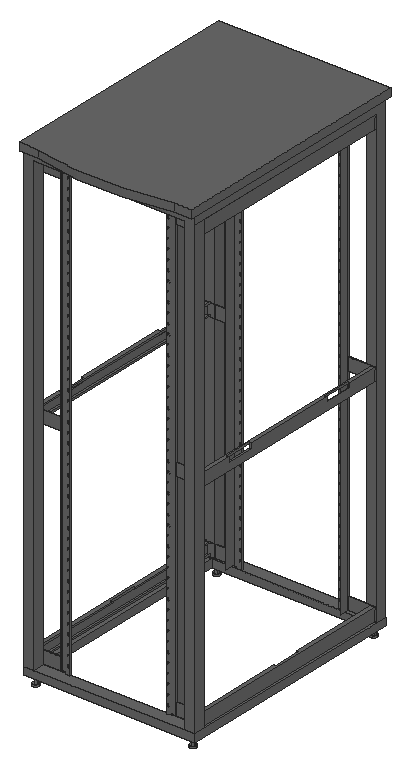
Revit family "V82A-48U-Without Doors-04.04.14", category Electrical Equipment, Revit 2013 (continued)
Lines and regions (mm)
  model lines
    curve 620: line (475.49, 628.074, 2282.241) -> (481.49, 628.074, 2282.241)
    curve 621: line (485.49, 633.074, 2282.241) -> (485.49, 630.074, 2282.241)
    curve 622: line (485.49, 630.074, 2282.241) -> (481.49, 630.074, 2282.241)
    curve 623: line (481.49, 630.074, 2282.241) -> (481.49, 628.074, 2282.241)
    curve 624: line (471.49, 633.074, 2282.241) -> (475.49, 633.074, 2282.241)
    curve 625: line (475.49, 633.074, 2282.241) -> (475.49, 635.074, 2282.241)
    curve 626: line (475.49, 635.074, 2282.241) -> (481.49, 635.074, 2282.241)
    curve 627: line (485.49, 633.074, 2282.241) -> (481.49, 633.074, 2282.241)
    curve 628: line (481.49, 633.074, 2282.241) -> (481.49, 635.074, 2282.241)
    curve 629: line (471.49, 188.074, 2282.241) -> (471.49, 191.074, 2282.241)
    curve 630: line (471.49, 191.074, 2282.241) -> (475.49, 191.074, 2282.241)
    curve 631: line (475.49, 191.074, 2282.241) -> (475.49, 193.074, 2282.241)
    curve 632: line (475.49, 193.074, 2282.241) -> (481.49, 193.074, 2282.241)
    curve 633: line (485.49, 188.074, 2282.241) -> (485.49, 191.074, 2282.241)
    curve 634: line (485.49, 191.074, 2282.241) -> (481.49, 191.074, 2282.241)
    curve 635: line (481.49, 191.074, 2282.241) -> (481.49, 193.074, 2282.241)
    curve 636: line (471.49, 188.074, 2282.241) -> (475.49, 188.074, 2282.241)
    curve 637: line (475.49, 188.074, 2282.241) -> (475.49, 186.074, 2282.241)
    curve 638: line (475.49, 186.074, 2282.241) -> (481.49, 186.074, 2282.241)
    curve 639: line (485.49, 188.074, 2282.241) -> (481.49, 188.074, 2282.241)
    curve 640: line (481.49, 188.074, 2282.241) -> (481.49, 186.074, 2282.241)
    curve 641: line (471.49, 120.074, 2282.241) -> (471.49, 123.074, 2282.241)
    curve 642: line (471.49, 123.074, 2282.241) -> (475.49, 123.074, 2282.241)
    curve 643: line (475.49, 123.074, 2282.241) -> (475.49, 125.074, 2282.241)
    curve 644: line (475.49, 125.074, 2282.241) -> (481.49, 125.074, 2282.241)
    curve 645: line (485.49, 120.074, 2282.241) -> (485.49, 123.074, 2282.241)
    curve 646: line (485.49, 123.074, 2282.241) -> (481.49, 123.074, 2282.241)
    curve 647: line (481.49, 123.074, 2282.241) -> (481.49, 125.074, 2282.241)
    curve 648: line (471.49, 120.074, 2282.241) -> (475.49, 120.074, 2282.241)
    curve 649: line (475.49, 120.074, 2282.241) -> (475.49, 118.074, 2282.241)
    curve 650: line (475.49, 118.074, 2282.241) -> (481.49, 118.074, 2282.241)
    curve 651: line (485.49, 120.074, 2282.241) -> (481.49, 120.074, 2282.241)
    curve 652: line (481.49, 120.074, 2282.241) -> (481.49, 118.074, 2282.241)
    curve 653: line (471.49, 157.074, 2282.241) -> (471.49, 154.074, 2282.241)
    curve 654: line (471.49, 154.074, 2282.241) -> (475.49, 154.074, 2282.241)
    curve 655: line (475.49, 154.074, 2282.241) -> (475.49, 152.074, 2282.241)
    curve 656: line (475.49, 152.074, 2282.241) -> (481.49, 152.074, 2282.241)
    curve 657: line (485.49, 157.074, 2282.241) -> (485.49, 154.074, 2282.241)
    curve 658: line (485.49, 154.074, 2282.241) -> (481.49, 154.074, 2282.241)
    curve 659: line (481.49, 154.074, 2282.241) -> (481.49, 152.074, 2282.241)
    curve 660: line (471.49, 157.074, 2282.241) -> (475.49, 157.074, 2282.241)
    curve 661: line (475.49, 157.074, 2282.241) -> (475.49, 159.074, 2282.241)
    curve 662: line (475.49, 159.074, 2282.241) -> (481.49, 159.074, 2282.241)
    curve 663: line (485.49, 157.074, 2282.241) -> (481.49, 157.074, 2282.241)
    curve 664: line (481.49, 157.074, 2282.241) -> (481.49, 159.074, 2282.241)
    curve 665: line (471.49, 429.074, 2282.241) -> (471.49, 426.074, 2282.241)
    curve 666: line (471.49, 426.074, 2282.241) -> (475.49, 426.074, 2282.241)
    curve 667: line (475.49, 426.074, 2282.241) -> (475.49, 424.074, 2282.241)
    curve 668: line (475.49, 424.074, 2282.241) -> (481.49, 424.074, 2282.241)
    curve 669: line (485.49, 429.074, 2282.241) -> (485.49, 426.074, 2282.241)
    curve 670: line (485.49, 426.074, 2282.241) -> (481.49, 426.074, 2282.241)
    curve 671: line (481.49, 426.074, 2282.241) -> (481.49, 424.074, 2282.241)
    curve 672: line (471.49, 429.074, 2282.241) -> (475.49, 429.074, 2282.241)
    curve 673: line (475.49, 429.074, 2282.241) -> (475.49, 431.074, 2282.241)
    curve 674: line (475.49, 431.074, 2282.241) -> (481.49, 431.074, 2282.241)
    curve 675: line (485.49, 429.074, 2282.241) -> (481.49, 429.074, 2282.241)
    curve 676: line (481.49, 429.074, 2282.241) -> (481.49, 431.074, 2282.241)
    curve 677: line (471.49, 392.074, 2282.241) -> (471.49, 395.074, 2282.241)
    curve 678: line (471.49, 395.074, 2282.241) -> (475.49, 395.074, 2282.241)
    curve 679: line (475.49, 395.074, 2282.241) -> (475.49, 397.074, 2282.241)
    curve 680: line (475.49, 397.074, 2282.241) -> (481.49, 397.074, 2282.241)
    curve 681: line (485.49, 392.074, 2282.241) -> (485.49, 395.074, 2282.241)
    curve 682: line (485.49, 395.074, 2282.241) -> (481.49, 395.074, 2282.241)
    curve 683: line (481.49, 395.074, 2282.241) -> (481.49, 397.074, 2282.241)
    curve 684: line (471.49, 392.074, 2282.241) -> (475.49, 392.074, 2282.241)
    curve 685: line (475.49, 392.074, 2282.241) -> (475.49, 390.074, 2282.241)
    curve 686: line (475.49, 390.074, 2282.241) -> (481.49, 390.074, 2282.241)
    curve 687: line (485.49, 392.074, 2282.241) -> (481.49, 392.074, 2282.241)
    curve 688: line (481.49, 392.074, 2282.241) -> (481.49, 390.074, 2282.241)
    curve 689: line (471.49, 324.074, 2282.241) -> (471.49, 327.074, 2282.241)
    curve 690: line (471.49, 327.074, 2282.241) -> (475.49, 327.074, 2282.241)
    curve 691: line (475.49, 327.074, 2282.241) -> (475.49, 329.074, 2282.241)
    curve 692: line (475.49, 329.074, 2282.241) -> (481.49, 329.074, 2282.241)
    curve 693: line (485.49, 324.074, 2282.241) -> (485.49, 327.074, 2282.241)
    curve 694: line (485.49, 327.074, 2282.241) -> (481.49, 327.074, 2282.241)
    curve 695: line (481.49, 327.074, 2282.241) -> (481.49, 329.074, 2282.241)
    curve 696: line (471.49, 324.074, 2282.241) -> (475.49, 324.074, 2282.241)
    curve 697: line (475.49, 324.074, 2282.241) -> (475.49, 322.074, 2282.241)
    curve 698: line (475.49, 322.074, 2282.241) -> (481.49, 322.074, 2282.241)
    curve 699: line (485.49, 324.074, 2282.241) -> (481.49, 324.074, 2282.241)
    curve 700: line (481.49, 324.074, 2282.241) -> (481.49, 322.074, 2282.241)
    curve 701: line (471.49, 361.074, 2282.241) -> (471.49, 358.074, 2282.241)
    curve 702: line (471.49, 358.074, 2282.241) -> (475.49, 358.074, 2282.241)
    curve 703: line (475.49, 358.074, 2282.241) -> (475.49, 356.074, 2282.241)
    curve 704: line (475.49, 356.074, 2282.241) -> (481.49, 356.074, 2282.241)
    curve 705: line (485.49, 361.074, 2282.241) -> (485.49, 358.074, 2282.241)
    curve 706: line (485.49, 358.074, 2282.241) -> (481.49, 358.074, 2282.241)
    curve 707: line (481.49, 358.074, 2282.241) -> (481.49, 356.074, 2282.241)
    curve 708: line (471.49, 361.074, 2282.241) -> (475.49, 361.074, 2282.241)
    curve 709: line (475.49, 361.074, 2282.241) -> (475.49, 363.074, 2282.241)
    curve 710: line (475.49, 363.074, 2282.241) -> (481.49, 363.074, 2282.241)
    curve 711: line (485.49, 361.074, 2282.241) -> (481.49, 361.074, 2282.241)
    curve 712: line (481.49, 361.074, 2282.241) -> (481.49, 363.074, 2282.241)
    curve 713: line (471.49, 225.074, 2282.241) -> (471.49, 222.074, 2282.241)
    curve 714: line (471.49, 222.074, 2282.241) -> (475.49, 222.074, 2282.241)
    curve 715: line (475.49, 222.074, 2282.241) -> (475.49, 220.074, 2282.241)
    curve 716: line (475.49, 220.074, 2282.241) -> (481.49, 220.074, 2282.241)
    curve 717: line (485.49, 225.074, 2282.241) -> (485.49, 222.074, 2282.241)
    curve 718: line (485.49, 222.074, 2282.241) -> (481.49, 222.074, 2282.241)
    curve 719: line (481.49, 222.074, 2282.241) -> (481.49, 220.074, 2282.241)
    curve 720: line (471.49, 225.074, 2282.241) -> (475.49, 225.074, 2282.241)
    curve 721: line (475.49, 225.074, 2282.241) -> (475.49, 227.074, 2282.241)
    curve 722: line (475.49, 227.074, 2282.241) -> (481.49, 227.074, 2282.241)
    curve 723: line (485.49, 225.074, 2282.241) -> (481.49, 225.074, 2282.241)
    curve 724: line (481.49, 225.074, 2282.241) -> (481.49, 227.074, 2282.241)
    curve 725: line (471.49, 293.074, 2282.241) -> (471.49, 290.074, 2282.241)
    curve 726: line (471.49, 290.074, 2282.241) -> (475.49, 290.074, 2282.241)
    curve 727: line (475.49, 290.074, 2282.241) -> (475.49, 288.074, 2282.241)
    curve 728: line (475.49, 288.074, 2282.241) -> (481.49, 288.074, 2282.241)
    curve 729: line (485.49, 293.074, 2282.241) -> (485.49, 290.074, 2282.241)
    curve 730: line (485.49, 290.074, 2282.241) -> (481.49, 290.074, 2282.241)
    curve 731: line (481.49, 290.074, 2282.241) -> (481.49, 288.074, 2282.241)
    curve 732: line (471.49, 293.074, 2282.241) -> (475.49, 293.074, 2282.241)
    curve 733: line (475.49, 293.074, 2282.241) -> (475.49, 295.074, 2282.241)
    curve 734: line (475.49, 295.074, 2282.241) -> (481.49, 295.074, 2282.241)
    curve 735: line (485.49, 293.074, 2282.241) -> (481.49, 293.074, 2282.241)
    curve 736: line (481.49, 293.074, 2282.241) -> (481.49, 295.074, 2282.241)
    curve 737: line (471.49, 256.074, 2282.241) -> (471.49, 259.074, 2282.241)
    curve 738: line (471.49, 259.074, 2282.241) -> (475.49, 259.074, 2282.241)
    curve 739: line (475.49, 259.074, 2282.241) -> (475.49, 261.074, 2282.241)
    curve 740: line (475.49, 261.074, 2282.241) -> (481.49, 261.074, 2282.241)
    curve 741: line (485.49, 256.074, 2282.241) -> (485.49, 259.074, 2282.241)
    curve 742: line (485.49, 259.074, 2282.241) -> (481.49, 259.074, 2282.241)
    curve 743: line (481.49, 259.074, 2282.241) -> (481.49, 261.074, 2282.241)
    curve 744: line (471.49, 256.074, 2282.241) -> (475.49, 256.074, 2282.241)
    curve 745: line (475.49, 256.074, 2282.241) -> (475.49, 254.074, 2282.241)
    curve 746: line (475.49, 254.074, 2282.241) -> (481.49, 254.074, 2282.241)
    curve 747: line (485.49, 256.074, 2282.241) -> (481.49, 256.074, 2282.241)
    curve 748: line (481.49, 256.074, 2282.241) -> (481.49, 254.074, 2282.241)
    curve 750: line (471.49, 973.074, 2282.241) -> (471.49, 970.074, 2282.241)
    curve 751: line (471.49, 970.074, 2282.241) -> (475.49, 970.074, 2282.241)
    curve 752: line (475.49, 970.074, 2282.241) -> (475.49, 968.074, 2282.241)
    curve 753: line (475.49, 968.074, 2282.241) -> (481.49, 968.074, 2282.241)
    curve 754: line (485.49, 973.074, 2282.241) -> (485.49, 970.074, 2282.241)
    curve 755: line (485.49, 970.074, 2282.241) -> (481.49, 970.074, 2282.241)
    curve 756: line (481.49, 970.074, 2282.241) -> (481.49, 968.074, 2282.241)
    curve 757: line (471.49, 973.074, 2282.241) -> (475.49, 973.074, 2282.241)
    curve 758: line (475.49, 973.074, 2282.241) -> (475.49, 975.074, 2282.241)
    curve 759: line (475.49, 975.074, 2282.241) -> (481.49, 975.074, 2282.241)
    curve 760: line (485.49, 973.074, 2282.241) -> (481.49, 973.074, 2282.241)
    curve 761: line (481.49, 973.074, 2282.241) -> (481.49, 975.074, 2282.241)
    curve 762: line (471.49, 1004.074, 2282.241) -> (471.49, 1007.074, 2282.241)
    curve 763: line (471.49, 1007.074, 2282.241) -> (475.49, 1007.074, 2282.241)
    curve 764: line (475.49, 1007.074, 2282.241) -> (475.49, 1009.074, 2282.241)
    curve 765: line (475.49, 1009.074, 2282.241) -> (481.49, 1009.074, 2282.241)
    curve 766: line (485.49, 1004.074, 2282.241) -> (485.49, 1007.074, 2282.241)
    curve 767: line (485.49, 1007.074, 2282.241) -> (481.49, 1007.074, 2282.241)
    curve 768: line (481.49, 1007.074, 2282.241) -> (481.49, 1009.074, 2282.241)
    curve 769: line (471.49, 1004.074, 2282.241) -> (475.49, 1004.074, 2282.241)
    curve 770: line (475.49, 1004.074, 2282.241) -> (475.49, 1002.074, 2282.241)
    curve 771: line (475.49, 1002.074, 2282.241) -> (481.49, 1002.074, 2282.241)
    curve 772: line (485.49, 1004.074, 2282.241) -> (481.49, 1004.074, 2282.241)
    curve 773: line (481.49, 1004.074, 2282.241) -> (481.49, 1002.074, 2282.241)
    curve 774: line (471.49, 1072.074, 2282.241) -> (471.49, 1075.074, 2282.241)
    curve 775: line (471.49, 1075.074, 2282.241) -> (475.49, 1075.074, 2282.241)
    curve 776: line (475.49, 1075.074, 2282.241) -> (475.49, 1077.074, 2282.241)
    curve 777: line (475.49, 1077.074, 2282.241) -> (481.49, 1077.074, 2282.241)
    curve 778: line (485.49, 1072.074, 2282.241) -> (485.49, 1075.074, 2282.241)
    curve 779: line (485.49, 1075.074, 2282.241) -> (481.49, 1075.074, 2282.241)
    curve 780: line (481.49, 1075.074, 2282.241) -> (481.49, 1077.074, 2282.241)
    curve 781: line (471.49, 1072.074, 2282.241) -> (475.49, 1072.074, 2282.241)
    curve 782: line (475.49, 1072.074, 2282.241) -> (475.49, 1070.074, 2282.241)
    curve 783: line (475.49, 1070.074, 2282.241) -> (481.49, 1070.074, 2282.241)
    curve 784: line (485.49, 1072.074, 2282.241) -> (481.49, 1072.074, 2282.241)
    curve 785: line (481.49, 1072.074, 2282.241) -> (481.49, 1070.074, 2282.241)
    curve 786: line (471.49, 1041.074, 2282.241) -> (471.49, 1038.074, 2282.241)
    curve 787: line (471.49, 1038.074, 2282.241) -> (475.49, 1038.074, 2282.241)
    curve 788: line (475.49, 1038.074, 2282.241) -> (475.49, 1036.074, 2282.241)
    curve 789: line (475.49, 1036.074, 2282.241) -> (481.49, 1036.074, 2282.241)
    curve 790: line (485.49, 1041.074, 2282.241) -> (485.49, 1038.074, 2282.241)
    curve 791: line (485.49, 1038.074, 2282.241) -> (481.49, 1038.074, 2282.241)
    curve 792: line (481.49, 1038.074, 2282.241) -> (481.49, 1036.074, 2282.241)
    curve 793: line (471.49, 1041.074, 2282.241) -> (475.49, 1041.074, 2282.241)
    curve 794: line (475.49, 1041.074, 2282.241) -> (475.49, 1043.074, 2282.241)
    curve 795: line (475.49, 1043.074, 2282.241) -> (481.49, 1043.074, 2282.241)
    curve 796: line (485.49, 1041.074, 2282.241) -> (481.49, 1041.074, 2282.241)
    curve 797: line (481.49, 1041.074, 2282.241) -> (481.49, 1043.074, 2282.241)
    curve 798: line (471.49, 1109.074, 2282.241) -> (471.49, 1106.074, 2282.241)
    curve 799: line (471.49, 1106.074, 2282.241) -> (475.49, 1106.074, 2282.241)
    curve 800: line (475.49, 1106.074, 2282.241) -> (475.49, 1104.074, 2282.241)
    curve 801: line (475.49, 1104.074, 2282.241) -> (481.49, 1104.074, 2282.241)
    curve 802: line (485.49, 1109.074, 2282.241) -> (485.49, 1106.074, 2282.241)
    curve 803: line (485.49, 1106.074, 2282.241) -> (481.49, 1106.074, 2282.241)
    curve 804: line (481.49, 1106.074, 2282.241) -> (481.49, 1104.074, 2282.241)
    curve 805: line (471.49, 1109.074, 2282.241) -> (475.49, 1109.074, 2282.241)
    curve 806: line (475.49, 1109.074, 2282.241) -> (475.49, 1111.074, 2282.241)
    curve 807: line (475.49, 1111.074, 2282.241) -> (481.49, 1111.074, 2282.241)
    curve 808: line (485.49, 1109.074, 2282.241) -> (481.49, 1109.074, 2282.241)
    curve 809: line (481.49, 1109.074, 2282.241) -> (481.49, 1111.074, 2282.241)
    curve 810: line (471.49, 1140.074, 2282.241) -> (471.49, 1143.074, 2282.241)
    curve 811: line (471.49, 1143.074, 2282.241) -> (475.49, 1143.074, 2282.241)
    curve 812: line (475.49, 1143.074, 2282.241) -> (475.49, 1145.074, 2282.241)
    curve 813: line (475.49, 1145.074, 2282.241) -> (481.49, 1145.074, 2282.241)
    curve 814: line (485.49, 1140.074, 2282.241) -> (485.49, 1143.074, 2282.241)
    curve 815: line (485.49, 1143.074, 2282.241) -> (481.49, 1143.074, 2282.241)
    curve 816: line (481.49, 1143.074, 2282.241) -> (481.49, 1145.074, 2282.241)
    curve 817: line (471.49, 1140.074, 2282.241) -> (475.49, 1140.074, 2282.241)
    curve 818: line (475.49, 1140.074, 2282.241) -> (475.49, 1138.074, 2282.241)
    curve 819: line (475.49, 1138.074, 2282.241) -> (481.49, 1138.074, 2282.241)
    curve 820: line (485.49, 1140.074, 2282.241) -> (481.49, 1140.074, 2282.241)
    curve 821: line (481.49, 1140.074, 2282.241) -> (481.49, 1138.074, 2282.241)
    curve 826: arc (-255.639, 595.376, 2282.241) -> (-221.424, 621.802, 2282.241) -> (-187.208, 595.376, 2282.241) r 35.364
    curve 827: arc (-252.639, 595.376, 2282.241) -> (-221.424, 618.787, 2282.241) -> (-190.208, 595.376, 2282.241) r 32.517
    curve 828: arc (-255.639, 215.376, 2282.241) -> (-221.424, 188.949, 2282.241) -> (-187.208, 215.376, 2282.241) r 35.364
    curve 829: arc (-252.639, 215.376, 2282.241) -> (-221.424, 191.965, 2282.241) -> (-190.208, 215.376, 2282.241) r 32.517
    curve 835: arc (458.24, 595.376, 2282.241) -> (424.024, 621.802, 2282.241) -> (389.808, 595.376, 2282.241) r 35.364
    curve 836: arc (455.24, 595.376, 2282.241) -> (424.024, 618.787, 2282.241) -> (392.808, 595.376, 2282.241) r 32.517
    curve 837: arc (458.24, 215.376, 2282.241) -> (424.024, 188.949, 2282.241) -> (389.808, 215.376, 2282.241) r 35.364
    curve 838: arc (455.24, 215.376, 2282.241) -> (424.024, 191.965, 2282.241) -> (392.808, 215.376, 2282.241) r 32.517
Nested families
  nested 1: "VersaPOD-Frame" at (100.084, 486.862, 70.167), type "VersaPOD-Frame"
  nested 2: "VersaPOD-Frame" at (100.084, 743.863, 70.167), type "VersaPOD-Frame"
  nested 3: "VersaPOD-Frame" at (102.728, 486.862, 70.167) x (-1, 0, 0) z (0, 0, 1), type "VersaPOD-Frame"
  nested 4: "VersaPOD-Frame" at (102.728, 743.86, 70.167) x (-1, 0, 0) z (0, 0, 1), type "VersaPOD-Frame"
  nested 5: "CC-new" at (-189.385, 1154.315, 2141.866) x (0, 1, 0) z (-1, 0, 0), type "CC-new"
  nested 6: "CC-new" at (-189.476, 1154.315, 85.319) x (0, 1, 0) z (-1, 0, 0), type "CC-new"
  nested 7: "CC-new" at (392.5, 1154.315, 85.476) x (0, 1, 0) z (1, 0, 0), type "CC-new"
  nested 8: "CC-new" at (392.304, 1154.315, 2141.846) x (0, 1, 0) z (1, 0, 0), type "CC-new"
  nested 9: "CC" at (-189.352, 275.908, 1064.328) x (0, -1, 0) z (-1, 0, 0), type "CC"
  nested 10: "CC" at (392.008, 277.158, 1064.333) x (0, -1, 0) z (1, 0, 0), type "CC"
Definition of nested family "VersaPOD-Frame"
  Parameters (values of type "VersaPOD-Frame")
    Material = SIEMON STEEL
    Assembly Code = ""
  Reference planes
    plane 1 "Center (Front/Back)": y = 0
    plane 2: z = 0
    plane 3 "Center (Left/Right)": x = 0
  Forms (mm)
    Extrusion 1, solid, material "SIEMON STEEL(1)"
      sketch origin (172.75, 374.529, 135.892) x (-1, 0, 0) y (0, 0, 1)
        loop
          arc (-54.5, 1997.687) -> (-54.765, 1998.538) -> (-55.467, 1999.087) r 1.497
          line (-55.467, 1999.087) -> (-76.055, 1999.087)
          arc (-76.055, 1999.087) -> (-77.079, 1998.664) -> (-77.503, 1997.64) r 1.447
          line (-77.503, 1997.64) -> (-77.503, 1992.25) -> (-97.502, 1992.25) -> (-97.502, -122.403) -> (-77.503, -122.403) -> (-77.503, -127.715)
          arc (-77.503, -127.715) -> (-77.079, -128.739) -> (-76.055, -129.163) r 1.447
          line (-76.055, -129.163) -> (-55.529, -129.163)
          arc (-55.529, -129.163) -> (-54.785, -128.631) -> (-54.5, -127.763) r 1.467
          line (-54.5, -127.763) -> (-54.5, 1997.687)
        loop
          line (-66.648, 1954.997) -> (-66.648, 1945.497) -> (-57.148, 1945.497) -> (-57.148, 1954.997) -> (-66.648, 1954.997)
        loop
          line (-66.648, 1901.097) -> (-57.148, 1901.097) -> (-57.148, 1910.597) -> (-66.648, 1910.597) -> (-66.648, 1901.097)
        loop
          line (-66.648, 1866.197) -> (-66.648, 1856.697) -> (-57.148, 1856.697) -> (-57.148, 1866.197) -> (-66.648, 1866.197)
        loop
          line (-66.648, 1777.397) -> (-66.648, 1767.897) -> (-57.148, 1767.897) -> (-57.148, 1777.397) -> (-66.648, 1777.397)
        loop
          line (-66.648, 1812.297) -> (-57.148, 1812.297) -> (-57.148, 1821.797) -> (-66.648, 1821.797) -> (-66.648, 1812.297)
        loop
          line (-66.648, 1599.797) -> (-66.648, 1590.297) -> (-57.148, 1590.297) -> (-57.148, 1599.797) -> (-66.648, 1599.797)
        loop
          line (-66.648, 1634.697) -> (-57.148, 1634.697) -> (-57.148, 1644.197) -> (-66.648, 1644.197) -> (-66.648, 1634.697)
        loop
          line (-66.648, 1723.497) -> (-57.148, 1723.497) -> (-57.148, 1732.997) -> (-66.648, 1732.997) -> (-66.648, 1723.497)
        loop
          line (-66.648, 1688.597) -> (-66.648, 1679.097) -> (-57.148, 1679.097) -> (-57.148, 1688.597) -> (-66.648, 1688.597)
        loop
          line (-66.648, 1244.597) -> (-66.648, 1235.097) -> (-57.148, 1235.097) -> (-57.148, 1244.597) -> (-66.648, 1244.597)
        loop
          line (-66.648, 1279.497) -> (-57.148, 1279.497) -> (-57.148, 1288.997) -> (-66.648, 1288.997) -> (-66.648, 1279.497)
        loop
          line (-66.648, 1368.297) -> (-57.148, 1368.297) -> (-57.148, 1377.797) -> (-66.648, 1377.797) -> (-66.648, 1368.297)
        loop
          line (-66.648, 1333.397) -> (-66.648, 1323.897) -> (-57.148, 1323.897) -> (-57.148, 1333.397) -> (-66.648, 1333.397)
        loop
          line (-66.648, 1545.897) -> (-57.148, 1545.897) -> (-57.148, 1555.397) -> (-66.648, 1555.397) -> (-66.648, 1545.897)
        loop
          line (-66.648, 1510.997) -> (-66.648, 1501.497) -> (-57.148, 1501.497) -> (-57.148, 1510.997) -> (-66.648, 1510.997)
        loop
          line (-66.648, 1422.197) -> (-66.648, 1412.697) -> (-57.148, 1412.697) -> (-57.148, 1422.197) -> (-66.648, 1422.197)
        loop
          line (-66.648, 1457.097) -> (-57.148, 1457.097) -> (-57.148, 1466.597) -> (-66.648, 1466.597) -> (-66.648, 1457.097)
        loop
          line (-66.648, 534.197) -> (-66.648, 524.697) -> (-57.148, 524.697) -> (-57.148, 534.197) -> (-66.648, 534.197)
        loop
          line (-66.648, 569.097) -> (-57.148, 569.097) -> (-57.148, 578.597) -> (-66.648, 578.597) -> (-66.648, 569.097)
        loop
          line (-66.648, 657.897) -> (-57.148, 657.897) -> (-57.148, 667.397) -> (-66.648, 667.397) -> (-66.648, 657.897)
        loop
          line (-66.648, 622.997) -> (-66.648, 613.497) -> (-57.148, 613.497) -> (-57.148, 622.997) -> (-66.648, 622.997)
        loop
          line (-66.648, 835.497) -> (-57.148, 835.497) -> (-57.148, 844.997) -> (-66.648, 844.997) -> (-66.648, 835.497)
        loop
          line (-66.648, 800.597) -> (-66.648, 791.097) -> (-57.148, 791.097) -> (-57.148, 800.597) -> (-66.648, 800.597)
        loop
          line (-66.648, 711.797) -> (-66.648, 702.297) -> (-57.148, 702.297) -> (-57.148, 711.797) -> (-66.648, 711.797)
        loop
          line (-66.648, 746.697) -> (-57.148, 746.697) -> (-57.148, 756.197) -> (-66.648, 756.197) -> (-66.648, 746.697)
        loop
          line (-66.648, 1190.697) -> (-57.148, 1190.697) -> (-57.148, 1200.197) -> (-66.648, 1200.197) -> (-66.648, 1190.697)
        loop
          line (-66.648, 1155.797) -> (-66.648, 1146.297) -> (-57.148, 1146.297) -> (-57.148, 1155.797) -> (-66.648, 1155.797)
        loop
          line (-66.648, 1066.997) -> (-66.648, 1057.497) -> (-57.148, 1057.497) -> (-57.148, 1066.997) -> (-66.648, 1066.997)
        loop
          line (-66.648, 1101.897) -> (-57.148, 1101.897) -> (-57.148, 1111.397) -> (-66.648, 1111.397) -> (-66.648, 1101.897)
        loop
          line (-66.648, 889.397) -> (-66.648, 879.897) -> (-57.148, 879.897) -> (-57.148, 889.397) -> (-66.648, 889.397)
        loop
          line (-66.648, 924.297) -> (-57.148, 924.297) -> (-57.148, 933.797) -> (-66.648, 933.797) -> (-66.648, 924.297)
        loop
          line (-66.648, 1013.097) -> (-57.148, 1013.097) -> (-57.148, 1022.597) -> (-66.648, 1022.597) -> (-66.648, 1013.097)
        loop
          line (-66.648, 978.197) -> (-66.648, 968.697) -> (-57.148, 968.697) -> (-57.148, 978.197) -> (-66.648, 978.197)
        loop
          line (-66.648, 480.297) -> (-57.148, 480.297) -> (-57.148, 489.797) -> (-66.648, 489.797) -> (-66.648, 480.297)
        loop
          line (-66.648, 445.397) -> (-66.648, 435.897) -> (-57.148, 435.897) -> (-57.148, 445.397) -> (-66.648, 445.397)
        loop
          line (-66.648, 356.597) -> (-66.648, 347.097) -> (-57.148, 347.097) -> (-57.148, 356.597) -> (-66.648, 356.597)
        loop
          line (-66.648, 391.497) -> (-57.148, 391.497) -> (-57.148, 400.997) -> (-66.648, 400.997) -> (-66.648, 391.497)
        loop
          line (-66.648, 178.997) -> (-66.648, 169.497) -> (-57.148, 169.497) -> (-57.148, 178.997) -> (-66.648, 178.997)
        loop
          line (-66.648, 213.897) -> (-57.148, 213.897) -> (-57.148, 223.397) -> (-66.648, 223.397) -> (-66.648, 213.897)
        loop
          line (-66.648, 302.697) -> (-57.148, 302.697) -> (-57.148, 312.197) -> (-66.648, 312.197) -> (-66.648, 302.697)
        loop
          line (-66.648, 267.797) -> (-66.648, 258.297) -> (-57.148, 258.297) -> (-57.148, 267.797) -> (-66.648, 267.797)
        loop
          line (-66.648, 125.097) -> (-57.148, 125.097) -> (-57.148, 134.597) -> (-66.648, 134.597) -> (-66.648, 125.097)
        loop
          line (-66.648, 90.197) -> (-66.648, 80.697) -> (-57.148, 80.697) -> (-57.148, 90.197) -> (-66.648, 90.197)
        loop
          line (-66.648, 36.297) -> (-57.148, 36.297) -> (-57.148, 45.797) -> (-66.648, 45.797) -> (-66.648, 36.297)
        loop
          line (-66.648, 1997.2) -> (-66.648, 1987.7) -> (-57.148, 1987.7) -> (-57.148, 1997.2) -> (-66.648, 1997.2)
        loop
          line (-66.648, -8.103) -> (-57.148, -8.103) -> (-57.148, 1.397) -> (-66.648, 1.397) -> (-66.648, -8.103)
        loop
          line (-66.648, -52.503) -> (-57.148, -52.503) -> (-57.148, -43.003) -> (-66.648, -43.003) -> (-66.648, -52.503)
        loop
          line (-66.648, -96.903) -> (-57.148, -96.903) -> (-57.148, -87.403) -> (-66.648, -87.403) -> (-66.648, -96.903)
      from -2 to 0
    Extrusion 2, solid, material "SIEMON STEEL(1)"
      sketch origin (268.253, 275.026, 135.892) x (0, -1, 0) y (0, 0, 1)
        loop
          line (-97.502, 1992.25) -> (-97.502, -122.403) -> (-54.5, -122.403) -> (-54.5, 1992.25) -> (-97.502, 1992.25)
      from -2 to 0
  Lines and regions (mm)
    model lines
      curve 1: line (270.253, 332.174, 2090.811) -> (270.253, 341.674, 2090.811)
      curve 2: line (270.253, 332.174, 2081.311) -> (270.253, 332.174, 2090.811)
      curve 3: line (270.253, 341.674, 2081.311) -> (270.253, 332.174, 2081.311)
      curve 4: line (270.253, 341.674, 2090.811) -> (270.253, 341.674, 2081.311)
      curve 5: line (270.253, 332.174, 2046.411) -> (270.253, 341.674, 2046.411)
      curve 6: line (270.253, 332.174, 2036.911) -> (270.253, 332.174, 2046.411)
      curve 7: line (270.253, 341.674, 2036.911) -> (270.253, 332.174, 2036.911)
      curve 8: line (270.253, 341.674, 2046.411) -> (270.253, 341.674, 2036.911)
      curve 9: line (270.253, 332.174, 1824.769) -> (270.253, 341.674, 1824.769)
      curve 10: line (270.253, 332.174, 1815.269) -> (270.253, 332.174, 1824.769)
      curve 11: line (270.253, 341.674, 1815.269) -> (270.253, 332.174, 1815.269)
      curve 12: line (270.253, 341.674, 1824.769) -> (270.253, 341.674, 1815.269)
      curve 13: line (270.253, 332.174, 1780.488) -> (270.253, 341.674, 1780.488)
      curve 14: line (270.253, 332.174, 1770.988) -> (270.253, 332.174, 1780.488)
      curve 15: line (270.253, 341.674, 1770.988) -> (270.253, 332.174, 1770.988)
      curve 16: line (270.253, 341.674, 1780.488) -> (270.253, 341.674, 1770.988)
      curve 17: line (270.253, 332.174, 1736.088) -> (270.253, 341.674, 1736.088)
      curve 18: line (270.253, 332.174, 1726.588) -> (270.253, 332.174, 1736.088)
      curve 19: line (270.253, 341.674, 1726.588) -> (270.253, 332.174, 1726.588)
      curve 20: line (270.253, 341.674, 1736.088) -> (270.253, 341.674, 1726.588)
      curve 21: line (270.253, 332.174, 1514.327) -> (270.253, 341.674, 1514.327)
      curve 22: line (270.253, 332.174, 1504.827) -> (270.253, 332.174, 1514.327)
      curve 23: line (270.253, 341.674, 1504.827) -> (270.253, 332.174, 1504.827)
      curve 24: line (270.253, 341.674, 1514.327) -> (270.253, 341.674, 1504.827)
      curve 25: line (270.253, 332.174, 1470.047) -> (270.253, 341.674, 1470.047)
      curve 26: line (270.253, 332.174, 1460.547) -> (270.253, 332.174, 1470.047)
      curve 27: line (270.253, 341.674, 1460.547) -> (270.253, 332.174, 1460.547)
      curve 28: line (270.253, 341.674, 1470.047) -> (270.253, 341.674, 1460.547)
      curve 29: line (270.253, 332.174, 1425.647) -> (270.253, 341.674, 1425.647)
      curve 30: line (270.253, 332.174, 1416.147) -> (270.253, 332.174, 1425.647)
      curve 31: line (270.253, 341.674, 1416.147) -> (270.253, 332.174, 1416.147)
      curve 32: line (270.253, 341.674, 1425.647) -> (270.253, 341.674, 1416.147)
      curve 33: line (270.253, 332.174, 1204.005) -> (270.253, 341.674, 1204.005)
      curve 34: line (270.253, 332.174, 1194.505) -> (270.253, 332.174, 1204.005)
      curve 35: line (270.253, 341.674, 1194.505) -> (270.253, 332.174, 1194.505)
      curve 36: line (270.253, 341.674, 1204.005) -> (270.253, 341.674, 1194.505)
      curve 37: line (270.253, 332.174, 1159.724) -> (270.253, 341.674, 1159.724)
      curve 38: line (270.253, 332.174, 1150.224) -> (270.253, 332.174, 1159.724)
      curve 39: line (270.253, 341.674, 1150.224) -> (270.253, 332.174, 1150.224)
      curve 40: line (270.253, 341.674, 1159.724) -> (270.253, 341.674, 1150.224)
      curve 41: line (270.253, 332.174, 1115.324) -> (270.253, 341.674, 1115.324)
      curve 42: line (270.253, 332.174, 1105.824) -> (270.253, 332.174, 1115.324)
      curve 43: line (270.253, 341.674, 1105.824) -> (270.253, 332.174, 1105.824)
      curve 44: line (270.253, 341.674, 1115.324) -> (270.253, 341.674, 1105.824)
      curve 45: line (270.253, 332.174, 893.568) -> (270.253, 341.674, 893.568)
      curve 46: line (270.253, 332.174, 884.068) -> (270.253, 332.174, 893.568)
      curve 47: line (270.253, 341.674, 884.068) -> (270.253, 332.174, 884.068)
      curve 48: line (270.253, 341.674, 893.568) -> (270.253, 341.674, 884.068)
      curve 49: line (270.253, 332.174, 849.287) -> (270.253, 341.674, 849.287)
      curve 50: line (270.253, 332.174, 839.787) -> (270.253, 332.174, 849.287)
      curve 51: line (270.253, 341.674, 839.787) -> (270.253, 332.174, 839.787)
      curve 52: line (270.253, 341.674, 849.287) -> (270.253, 341.674, 839.787)
      curve 53: line (270.253, 332.174, 804.887) -> (270.253, 341.674, 804.887)
      curve 54: line (270.253, 332.174, 795.387) -> (270.253, 332.174, 804.887)
      curve 55: line (270.253, 341.674, 795.387) -> (270.253, 332.174, 795.387)
      curve 56: line (270.253, 341.674, 804.887) -> (270.253, 341.674, 795.387)
      curve 57: line (270.253, 332.174, 583.246) -> (270.253, 341.674, 583.246)
      curve 58: line (270.253, 332.174, 573.746) -> (270.253, 332.174, 583.246)
      curve 59: line (270.253, 341.674, 573.746) -> (270.253, 332.174, 573.746)
      curve 60: line (270.253, 341.674, 583.246) -> (270.253, 341.674, 573.746)
      curve 61: line (270.253, 332.174, 538.965) -> (270.253, 341.674, 538.965)
      curve 62: line (270.253, 332.174, 529.465) -> (270.253, 332.174, 538.965)
      curve 63: line (270.253, 341.674, 529.465) -> (270.253, 332.174, 529.465)
      curve 64: line (270.253, 341.674, 538.965) -> (270.253, 341.674, 529.465)
      curve 65: line (270.253, 332.174, 494.565) -> (270.253, 341.674, 494.565)
      curve 66: line (270.253, 332.174, 485.065) -> (270.253, 332.174, 494.565)
      curve 67: line (270.253, 341.674, 485.065) -> (270.253, 332.174, 485.065)
      curve 68: line (270.253, 341.674, 494.565) -> (270.253, 341.674, 485.065)
      curve 69: line (270.253, 332.174, 272.804) -> (270.253, 341.674, 272.804)
      curve 70: line (270.253, 332.174, 263.304) -> (270.253, 332.174, 272.804)
      curve 71: line (270.253, 341.674, 263.304) -> (270.253, 332.174, 263.304)
      curve 72: line (270.253, 341.674, 272.804) -> (270.253, 341.674, 263.304)
      curve 73: line (270.253, 332.174, 228.523) -> (270.253, 341.674, 228.523)
      curve 74: line (270.253, 332.174, 219.023) -> (270.253, 332.174, 228.523)
      curve 75: line (270.253, 341.674, 219.023) -> (270.253, 332.174, 219.023)
      curve 76: line (270.253, 341.674, 228.523) -> (270.253, 341.674, 219.023)
      curve 77: line (270.253, 332.174, 184.123) -> (270.253, 341.674, 184.123)
      curve 78: line (270.253, 332.174, 174.623) -> (270.253, 332.174, 184.123)
      curve 79: line (270.253, 341.674, 174.623) -> (270.253, 332.174, 174.623)
      curve 80: line (270.253, 341.674, 184.123) -> (270.253, 341.674, 174.623)
      curve 81: line (270.253, 332.174, 2002.13) -> (270.253, 341.674, 2002.13)
      curve 82: line (270.253, 332.174, 1992.63) -> (270.253, 332.174, 2002.13)
      curve 83: line (270.253, 341.674, 1992.63) -> (270.253, 332.174, 1992.63)
      curve 84: line (270.253, 341.674, 2002.13) -> (270.253, 341.674, 1992.63)
      curve 85: line (270.253, 332.174, 1957.73) -> (270.253, 341.674, 1957.73)
      curve 86: line (270.253, 332.174, 1948.23) -> (270.253, 332.174, 1957.73)
      curve 87: line (270.253, 341.674, 1948.23) -> (270.253, 332.174, 1948.23)
      curve 88: line (270.253, 341.674, 1957.73) -> (270.253, 341.674, 1948.23)
      curve 89: line (270.253, 332.174, 1913.45) -> (270.253, 341.674, 1913.45)
      curve 90: line (270.253, 332.174, 1903.95) -> (270.253, 332.174, 1913.45)
      curve 91: line (270.253, 341.674, 1903.95) -> (270.253, 332.174, 1903.95)
      curve 92: line (270.253, 341.674, 1913.45) -> (270.253, 341.674, 1903.95)
      curve 93: line (270.253, 332.174, 1869.05) -> (270.253, 341.674, 1869.05)
      curve 94: line (270.253, 332.174, 1859.55) -> (270.253, 332.174, 1869.05)
      curve 95: line (270.253, 341.674, 1859.55) -> (270.253, 332.174, 1859.55)
      curve 96: line (270.253, 341.674, 1869.05) -> (270.253, 341.674, 1859.55)
      curve 97: line (270.253, 332.174, 1691.808) -> (270.253, 341.674, 1691.808)
      curve 98: line (270.253, 332.174, 1682.308) -> (270.253, 332.174, 1691.808)
      curve 99: line (270.253, 341.674, 1682.308) -> (270.253, 332.174, 1682.308)
      curve 100: line (270.253, 341.674, 1691.808) -> (270.253, 341.674, 1682.308)
      curve 101: line (270.253, 332.174, 1647.408) -> (270.253, 341.674, 1647.408)
      curve 102: line (270.253, 332.174, 1637.908) -> (270.253, 332.174, 1647.408)
      curve 103: line (270.253, 341.674, 1637.908) -> (270.253, 332.174, 1637.908)
      curve 104: line (270.253, 341.674, 1647.408) -> (270.253, 341.674, 1637.908)
      curve 105: line (270.253, 332.174, 1603.127) -> (270.253, 341.674, 1603.127)
      curve 106: line (270.253, 332.174, 1593.627) -> (270.253, 332.174, 1603.127)
      curve 107: line (270.253, 341.674, 1593.627) -> (270.253, 332.174, 1593.627)
      curve 108: line (270.253, 341.674, 1603.127) -> (270.253, 341.674, 1593.627)
      curve 109: line (270.253, 332.174, 1558.727) -> (270.253, 341.674, 1558.727)
      curve 110: line (270.253, 332.174, 1549.227) -> (270.253, 332.174, 1558.727)
      curve 111: line (270.253, 341.674, 1549.227) -> (270.253, 332.174, 1549.227)
      curve 112: line (270.253, 341.674, 1558.727) -> (270.253, 341.674, 1549.227)
      curve 113: line (270.253, 332.174, 1381.366) -> (270.253, 341.674, 1381.366)
      curve 114: line (270.253, 332.174, 1371.866) -> (270.253, 332.174, 1381.366)
      curve 115: line (270.253, 341.674, 1371.866) -> (270.253, 332.174, 1371.866)
      curve 116: line (270.253, 341.674, 1381.366) -> (270.253, 341.674, 1371.866)
      curve 117: line (270.253, 332.174, 1336.966) -> (270.253, 341.674, 1336.966)
      curve 118: line (270.253, 332.174, 1327.466) -> (270.253, 332.174, 1336.966)
      curve 119: line (270.253, 341.674, 1327.466) -> (270.253, 332.174, 1327.466)
      curve 120: line (270.253, 341.674, 1336.966) -> (270.253, 341.674, 1327.466)
      curve 121: line (270.253, 332.174, 1292.685) -> (270.253, 341.674, 1292.685)
      curve 122: line (270.253, 332.174, 1283.185) -> (270.253, 332.174, 1292.685)
      curve 123: line (270.253, 341.674, 1283.185) -> (270.253, 332.174, 1283.185)
      curve 124: line (270.253, 341.674, 1292.685) -> (270.253, 341.674, 1283.185)
      curve 125: line (270.253, 332.174, 1248.285) -> (270.253, 341.674, 1248.285)
      curve 126: line (270.253, 332.174, 1238.785) -> (270.253, 332.174, 1248.285)
      curve 127: line (270.253, 341.674, 1238.785) -> (270.253, 332.174, 1238.785)
      curve 128: line (270.253, 341.674, 1248.285) -> (270.253, 341.674, 1238.785)
      curve 129: line (270.253, 332.174, 1071.043) -> (270.253, 341.674, 1071.043)
      curve 130: line (270.253, 332.174, 1061.543) -> (270.253, 332.174, 1071.043)
      curve 131: line (270.253, 341.674, 1061.543) -> (270.253, 332.174, 1061.543)
      curve 132: line (270.253, 341.674, 1071.043) -> (270.253, 341.674, 1061.543)
      curve 133: line (270.253, 332.174, 1026.643) -> (270.253, 341.674, 1026.643)
      curve 134: line (270.253, 332.174, 1017.143) -> (270.253, 332.174, 1026.643)
      curve 135: line (270.253, 341.674, 1017.143) -> (270.253, 332.174, 1017.143)
      curve 136: line (270.253, 341.674, 1026.643) -> (270.253, 341.674, 1017.143)
      curve 137: line (270.253, 332.174, 982.363) -> (270.253, 341.674, 982.363)
      curve 138: line (270.253, 332.174, 972.863) -> (270.253, 332.174, 982.363)
      curve 139: line (270.253, 341.674, 972.863) -> (270.253, 332.174, 972.863)
      curve 140: line (270.253, 341.674, 982.363) -> (270.253, 341.674, 972.863)
      curve 141: line (270.253, 332.174, 937.963) -> (270.253, 341.674, 937.963)
      curve 142: line (270.253, 332.174, 928.463) -> (270.253, 332.174, 937.963)
      curve 143: line (270.253, 341.674, 928.463) -> (270.253, 332.174, 928.463)
      curve 144: line (270.253, 341.674, 937.963) -> (270.253, 341.674, 928.463)
      curve 145: line (270.253, 332.174, 760.607) -> (270.253, 341.674, 760.607)
      curve 146: line (270.253, 332.174, 751.107) -> (270.253, 332.174, 760.607)
      curve 147: line (270.253, 341.674, 751.107) -> (270.253, 332.174, 751.107)
      curve 148: line (270.253, 341.674, 760.607) -> (270.253, 341.674, 751.107)
      curve 149: line (270.253, 332.174, 716.207) -> (270.253, 341.674, 716.207)
      curve 150: line (270.253, 332.174, 706.707) -> (270.253, 332.174, 716.207)
      curve 151: line (270.253, 341.674, 706.707) -> (270.253, 332.174, 706.707)
      curve 152: line (270.253, 341.674, 716.207) -> (270.253, 341.674, 706.707)
      curve 153: line (270.253, 332.174, 671.926) -> (270.253, 341.674, 671.926)
      curve 154: line (270.253, 332.174, 662.426) -> (270.253, 332.174, 671.926)
      curve 155: line (270.253, 341.674, 662.426) -> (270.253, 332.174, 662.426)
      curve 156: line (270.253, 341.674, 671.926) -> (270.253, 341.674, 662.426)
      curve 157: line (270.253, 332.174, 627.526) -> (270.253, 341.674, 627.526)
      curve 158: line (270.253, 332.174, 618.026) -> (270.253, 332.174, 627.526)
      curve 159: line (270.253, 341.674, 618.026) -> (270.253, 332.174, 618.026)
      curve 160: line (270.253, 341.674, 627.526) -> (270.253, 341.674, 618.026)
      curve 161: line (270.253, 332.174, 450.284) -> (270.253, 341.674, 450.284)
      curve 162: line (270.253, 332.174, 440.784) -> (270.253, 332.174, 450.284)
      curve 163: line (270.253, 341.674, 440.784) -> (270.253, 332.174, 440.784)
      curve 164: line (270.253, 341.674, 450.284) -> (270.253, 341.674, 440.784)
      curve 165: line (270.253, 332.174, 405.884) -> (270.253, 341.674, 405.884)
      curve 166: line (270.253, 332.174, 396.384) -> (270.253, 332.174, 405.884)
      curve 167: line (270.253, 341.674, 396.384) -> (270.253, 332.174, 396.384)
      curve 168: line (270.253, 341.674, 405.884) -> (270.253, 341.674, 396.384)
      curve 169: line (270.253, 332.174, 361.604) -> (270.253, 341.674, 361.604)
      curve 170: line (270.253, 332.174, 352.104) -> (270.253, 332.174, 361.604)
      curve 171: line (270.253, 341.674, 352.104) -> (270.253, 332.174, 352.104)
      curve 172: line (270.253, 341.674, 361.604) -> (270.253, 341.674, 352.104)
      curve 173: line (270.253, 332.174, 317.204) -> (270.253, 341.674, 317.204)
      curve 174: line (270.253, 332.174, 307.704) -> (270.253, 332.174, 317.204)
      curve 175: line (270.253, 341.674, 307.704) -> (270.253, 332.174, 307.704)
      curve 176: line (270.253, 341.674, 317.204) -> (270.253, 341.674, 307.704)
      curve 177: line (250.221, 374.974, 2128.127) -> (250.221, 374.974, 8.127)
      curve 178: line (270.253, 332.174, 2125.811) -> (270.253, 341.674, 2125.811)
      curve 179: line (270.253, 332.174, 2116.311) -> (270.253, 332.174, 2125.811)
      curve 180: line (270.253, 341.674, 2116.311) -> (270.253, 332.174, 2116.311)
      curve 181: line (270.253, 341.674, 2125.811) -> (270.253, 341.674, 2116.311)
  Dimensions and locks
    Extrusion 1 to Extrusion 1 = 2128.25 mm
Definition of nested family "CC-new"
  Parameters (values of type "CC-new")
    Default Elevation = 1219.20 mm
  Reference planes
    plane 1 "Center (Front/Back)": y = 0
    plane 2: z = 0
    plane 3 "Center (Left/Right)": x = 0
  Forms (mm)
    Extrusion 1, solid
      sketch origin (0, 0, 0) x (1, 0, 0) y (0, 1, 0)
        loop
          line (-1219.2, 1219.2) -> (-1219.2, -1219.2) -> (1219.2, -1219.2) -> (1219.2, 1219.2) -> (-1219.2, 1219.2)
      from 0 to -304.8
    Extrusion 2, solid, material "SIEMON STEEL"
      sketch origin (-341.312, 0, 0) x (0, 1, 0) y (0, 0, 1)
        loop
          line (-1.769, 105.31) -> (-1.769, 87.225) -> (4.384, 87.225) -> (4.384, 98.86) -> (50.113, 98.86) -> (50.113, 87.225) -> (56.463, 87.225) -> (56.463, 105.31) -> (-1.769, 105.31)
      from -701.37 to 304.8
    Extrusion 3, void
      sketch origin (-102.5, 39.375, 0) x (1, 0, 0) y (0, 1, 0)
        loop
          line (-371.933, 10.738) -> (-371.933, 17.084) -> (-503.314, 17.084) -> (-503.314, 10.738) -> (-371.933, 10.738)
      from 87.225 to 92.572
    Extrusion 4, solid, material "SIEMON STEEL"
      sketch origin (0, 0, 0) x (0, 1, 0) y (0, 0, 1)
        loop
          line (-1.769, 105.31) -> (-1.769, -21.985) -> (56.463, -21.985) -> (56.463, 105.31) -> (-1.769, 105.31)
      from -36.513 to -38.674
    Extrusion 5, solid, material "SIEMON STEEL"
      sketch origin (-1079.195, 0, 0) x (0, 1, 0) y (0, 0, -1)
        loop
          line (-1.769, -105.31) -> (56.463, -105.31) -> (56.463, 21.985) -> (-1.769, 21.985) -> (-1.769, -105.31)
      from -36.513 to -38.319
  Cuts and joins
    Extrusion 3 cuts Extrusion 2
  Lines and regions (mm)
    model lines
      curve 1: circle (-35, 42.213, 20.705) r 3 normal (1, 0, 0)
      curve 2: circle (-35, 12.481, 20.705) r 3 normal (-1, 0, 0)
      curve 3: circle (-1044.302, 42.213, 20.705) r 3 normal (1, 0, 0)
      curve 4: circle (-1044.302, 12.481, 20.705) r 3 normal (-1, 0, 0)
  Dimensions and locks
    Extrusion 3 sketch curve to cut or joined group of Extrusion 2, Extrusion 3 = 437.92 mm
    cut or joined group of Extrusion 2, Extrusion 3 to Extrusion 3 sketch curve = 436.868 mm
    aligned and locked: plane 2 to Extrusion 1
    aligned and locked: level to Extrusion 1
Definition of nested family "CC"
  Parameters (values of type "CC")
    Default Elevation = 1219.20 mm
  Reference planes
    plane 1 "Center (Front/Back)": y = 0
    plane 2: z = 0
    plane 3 "Center (Left/Right)": x = 0
  Forms (mm)
    Extrusion 1, solid
      sketch origin (0, 0, 0) x (1, 0, 0) y (0, 1, 0)
        loop
          line (-1219.2, 1219.2) -> (-1219.2, -1219.2) -> (1219.2, -1219.2) -> (1219.2, 1219.2) -> (-1219.2, 1219.2)
      from 0 to -304.8
    Extrusion 2, solid, material "SIEMON STEEL"
      sketch origin (-341.312, 0, 0) x (0, 1, 0) y (0, 0, 1)
        loop
          line (22.606, 105.31) -> (22.606, 87.225) -> (28.759, 87.225) -> (28.759, 98.86) -> (74.488, 98.86) -> (74.488, 87.225) -> (80.838, 87.225) -> (80.838, 105.31) -> (22.606, 105.31)
      from -499.089 to 507.075
    Extrusion 3, void
      sketch origin (0, 0, 0) x (1, 0, 0) y (0, 1, 0)
        loop
          line (15.7, 57.606) -> (15.7, 80.838) -> (-115.681, 80.838) -> (-115.681, 57.606) -> (15.7, 57.606)
        loop
          line (-558.62, 57.714) -> (-558.62, 80.838) -> (-690.354, 80.838) -> (-690.354, 57.714) -> (-558.62, 57.714)
      from 94.663 to 105.31
    Extrusion 4, solid, material "SIEMON STEEL"
      sketch origin (-876.919, 0, 0.039) x (0, 1, 0) y (0, 0, -1)
        loop
          line (80.838, -105.271) -> (80.838, 22.025) -> (22.606, 22.025) -> (22.606, -105.271) -> (80.838, -105.271)
      from -36.513 to -38.285
    Extrusion 5, solid, material "SIEMON STEEL"
      sketch origin (202.275, 0, 0.039) x (0, 1, 0) y (0, 0, 1)
        loop
          line (80.838, 105.265) -> (22.606, 105.265) -> (22.606, -22.025) -> (80.838, -22.025) -> (80.838, 105.265)
      from -36.513 to -38.285
  Cuts and joins
    Extrusion 3 cuts Extrusion 2
  Lines and regions (mm)
    model lines
      curve 1: circle (-841.914, 66.588, 20.84) r 3 normal (1, 0, 0)
      curve 2: circle (-841.914, 36.856, 20.84) r 3 normal (-1, 0, 0)
      curve 3: circle (166.886, 66.588, 20.84) r 3 normal (1, 0, 0)
      curve 4: circle (166.886, 36.856, 20.84) r 3 normal (-1, 0, 0)
  Dimensions and locks
    cut or joined group of Extrusion 2, Extrusion 3 to cut or joined group of Extrusion 2, Extrusion 3 = 58.232 mm
    aligned and locked: plane 2 to Extrusion 1
    aligned and locked: level to Extrusion 1
